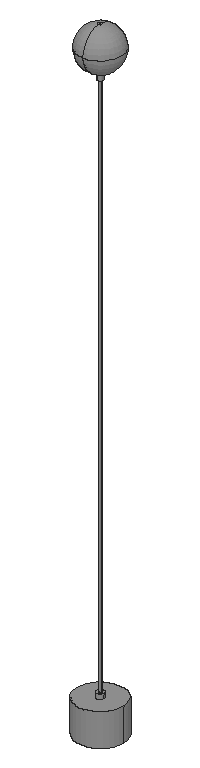
Revit family "Pearl Single 5W", category Lighting Fixtures, host Face, Revit 2019
Family settings
  Host = Face
  Round Connector Dimension = Use Diameter
  Part Type = Normal
  OmniClass Number = 23.80.70.11.11
  OmniClass Title = General Luminaries, Non Directional
  Cut with Voids When Loaded = No
  Light Source = No
  Shared = No
  Room Calculation Point = No
Parameters (values of type "Pearl Single 5W, Neutral White, 230V - 53SI995N005J")
  Wattage Comments = "5W"
  Voltage = 230 V
  URL = "www.winled.fi"
  Type Image = Pearl Single .png
  Light source = Pearl light NV : Pearl light NV
  Length [instance] = if(length < 100 mm, 100 mm, (if(length > 1500 mm, 1500 mm, length)))  # 1000 mm
  length [instance] = 1000 mm
  Product Number = "53SI995N005J"
  Position Number = ""
  Operating Temperature Range = "-20° to +50°"
  Model = "Pear Single 5W"
  Manufacturer = "Winled Oy Ltd"
  Luminaire Angle Install [instance] = if(Luminaire Angle Input < -90.00°, -90.00°, (if(Luminaire Angle Input > 90.00°, 90.00°, Luminaire Angle Input)))  # 0.00°
  Luminaire Angle Input [instance] = 0.00°
  Lumens Output = "488lm"
  Lifetime L70 = "50000h"
  Last Updated = "8.3.2017"
  Lamp = "LED"
  IP Code = "IP20"
  Housing Material = "Aluminium"
  Driver = "Integrated"
  Directivity = "No"
  Dimmable = "Yes"
  Dimensions = "86mm x 1600mm"
  Description = "Pendant Light"
  Depth = "-"
  Default Elevation = 1219.2 mm
  Cutout = "-"
  Color Temperature = "4000K"
  Casing Color = "White"
  CRI = "82"
  Beam Angle = "160°"
Types (3, lengths in mm): name | Light source | Length | length | Product Number | Model | Lumens Output | Color Temperature | Beam Angle
  (no name) | Pearl light NV : Pearl light NV | 1000 | 1000 | "53SI995N005J" | "Pear Single 5W" | "488lm" | "4000K" | "160°"
  Pearl Single 5W, Neutral White, 230V - 53SI995N005J | Pearl light NV : Pearl light NV | 1000 | 1000 | "53SI995N005J" | "Pear Single 5W" | "488lm" | "4000K" | "160°"
  Pearl Single 5W, Warm White, 230V - 53SI995L005J | Pearl light LV : Pearl light LV | 1200 | 1200 | "53SI995L005J" | "Pearl Single 5W" | "388lm" | "3000K" | "90°"
Reference planes
  plane 1 "Center (Front/Back)": y = 0
  plane 2: z = 0
  plane 3 "Center (Left/Right)": x = 0
Lines and regions (mm)
  symbolic lines
    curve 1: circle (0, 0, 0) r 43 normal (0, 0, 1)
    curve 2: line (-30.406, -30.406, 0) -> (30.406, 30.406, 0)
    curve 3: line (30.406, -30.406, 0) -> (-30.406, 30.406, 0)
Dimensions and locks
  aligned and locked: plane 2 to host face
  aligned and locked: level to host face
Nested families
  nested 1: "Pearl 5W model" at (0, 0, 0), Length <- "Length", Luminaire Angle <- "Luminaire Angle Install", type "Pearl 5W model"
    with length 1000 mm, k1 45.00°, Luminaire Angle 0.00°, Length 1000 mm
  nested 2: "Pearl light NV" at (-0.001, -0.004, 1160.063) x (-1, 0, 0) z (0, 0, 1), type <- "Light source", type "Pearl light NV"
Definition of nested family "Pearl 5W model"
  Parameters (values of type "Pearl 5W model")
    Length [instance] = 1200 mm
    k1 [instance] = if(Luminaire Angle < -90.00°, -45.00°, (if(Luminaire Angle > 90.00°, 135.00°, Luminaire Angle + 45.00°)))  # 45.00°
    length [instance] = 1000 mm
    Luminaire Angle [instance] = 0.00°
  Reference planes
    plane 1 "Center (Front/Back)": y = 0
    plane 2: z = 0
    plane 3 "Center (Left/Right)": x = 0
  Forms (mm)
    Extrusion 1, solid
      sketch origin (0, 0, 0) x (1, 0, 0) y (0, 1, 0)
        loop
          circle (0, 0) r 43
      from 0 to 60
    Extrusion 2, solid
      sketch origin (0, 0, 0) x (1, 0, 0) y (0, 1, 0)
        loop
          circle (0, 0) r 6.6
      from 67.5 to 60
    Revolve 3, solid
      sketch origin (0, 0, 67.5) x (-0.707107, 0, 0.707107) y (-0.707107, 0, -0.707107)
        loop
          line (-3.926, 1.097) -> (0.398, -3.227) -> (1.812, -1.812) -> (-2.511, 2.511) -> (-3.926, 1.097)
        axis (-2.511, 2.511) -> (1.812, -1.812)
      angle from 0 to 360
    Extrusion 4, solid
      sketch origin (0, 0, 70.063) x (1, 0, 0) y (0, 1, 0)
        loop
          circle (0, 0) r 2.001
      from 0 to 1200 <- "Length"
  Lines and regions (mm)
    reference lines
      curve 1: line (-6.6, 0, 67.5) -> (0, 0, 67.5)
      curve 2: line (0, 0, 67.5) -> (-65.327, 0, 132.827)
    model lines, detail levels coarse
      curve 3: line (-43.149, 0, 110.649) -> (35.676, 0, 110.649)
  Dimensions and locks
    "k1": angle curve 1 to curve 2
    aligned and locked: level to plane 2
    aligned and locked: plane 3 "Center (Left/Right)" to curve 2
    aligned and locked: curve 2 to curve 3
  Automatic sketch dimensions
    plane 1 "Center (Front/Back)" to Extrusion 1 sketch curve = 0 mm
    Extrusion 1 sketch curve to plane 3 "Center (Left/Right)" = 0 mm
    plane 1 "Center (Front/Back)" to Extrusion 2 sketch curve = 0 mm
    Extrusion 2 sketch curve to plane 3 "Center (Left/Right)" = 0 mm
    Revolve 3 sketch curve to curve 2 = 1.097 mm
    Revolve 3 sketch curve to curve 2 = 3.926 mm
    Revolve 3 sketch curve to Revolve 3 sketch curve = 1.415 mm
    curve 2 to Revolve 3 sketch curve = 0.398 mm
    curve 2 to Revolve 3 sketch curve = 1.812 mm
    Revolve 3 sketch curve to curve 2 = 0.35 mm  (x2)
    curve 2 to Revolve 3 sketch curve = 19.013 mm  (x2)
    curve 2 to curve 3 = 5.284 mm
    curve 3 to curve 2 = 31.365 mm
    curve 3 to curve 2 = 55.738 mm
    level to curve 1 = 67.5 mm
    radius of Extrusion 1 sketch curve = 43 mm
    radius of Extrusion 2 sketch curve = 6.6 mm
    radius of Extrusion 4 sketch curve to Revolve 3 = 0 mm
  Nested families
    nested 1: "Pearl" at (0, 0, 1270.063) x (-1, 0, 0) z (0, 0, 1), type "Pearl"
  Definition of nested family "Pearl"
    Parameters (values of type "Pearl")
      Default Elevation = 1219.2 mm
    Reference planes
      plane 1 "Center (Front/Back)": y = 0
      plane 2: z = 0
      plane 3 "Center (Left/Right)": x = 0
    Forms (mm)
      Extrusion 1, solid
        sketch origin (0, 0, 0) x (1, 0, 0) y (0, 1, 0)
          loop
            line (-1219.2, 1219.2) -> (-1219.2, -1219.2) -> (1219.2, -1219.2) -> (1219.2, 1219.2) -> (-1219.2, 1219.2)
        from 0 to -304.8
      Revolve 2, solid
        sketch origin (0, 0, 0) x (0, 1, 0) y (0, 0, 1)
          loop
            line (0, 0) -> (0, 51) -> (0, 90) -> (-1, 90) -> (-4.096, 89.784)
            arc (-4.096, 89.784) -> (-28.989, 77.089) -> (-39, 51) r 39
            arc (-39, 51) -> (-29.292, 25.251) -> (-5, 12.322) r 39
            line (-5, 12.322) -> (-5, 0) -> (0, 0)
          axis (0, 0) -> (0, 90)
        angle from 0 to 360
    Dimensions and locks
      aligned and locked: plane 2 to Extrusion 1
      aligned and locked: level to Extrusion 1
Definition of nested family "Pearl light NV"
  Parameters (values of type "Pearl light NV")
    Wattage = 5 W
    built-in parameter 1150110 = 1 (stored number, unit not read)
    built-in parameter 1114217 = 1 (stored number, unit not read)
    Tilt Angle = -90.00°
    built-in parameter 1150109 = 1 (stored number, unit not read)
    built-in parameter 1150134 = 12
    built-in parameter 1150113 = 1 (stored number, unit not read)
    Photometric Web File = "Pearl single NV.ies"
    built-in parameter 1150105 = 38.834 (stored number, unit not read)
    Lumens = 488 lm
    built-in parameter 1150115 = 1 (stored number, unit not read)
    built-in parameter 1150137 = (empty or 0)
    built-in parameter 1150139 = (empty or 0)
    built-in parameter 1150112 = 1 (stored number, unit not read)
    built-in parameter 1150114 = 1 (stored number, unit not read)
    built-in parameter 1150132 = (empty or 0)
    built-in parameter 1150102 = (empty or 0)
    built-in parameter 1150107 = 4000 (stored number, unit not read)
    built-in parameter 1150138 = (empty or 0)
    built-in parameter 1150106 = 0.38834 (stored number, unit not read)
    built-in parameter 1150104 = 9.0673 (stored number, unit not read)
    Dimming Lamp Color Temperature Shift = (empty or 0)
    Default Elevation = 1219.2 mm
    Color Filter = 16777215
    built-in parameter 1114218 = 1 (stored number, unit not read)
    built-in parameter 1150133 = 10 (stored number, unit not read)
  Reference planes
    plane 1 "Center (Front/Back)": y = 0
    plane 2: z = 0
    plane 3 "Center (Left/Right)": x = 0
  Forms (mm)
    Extrusion 1, solid
      sketch origin (0, 0, 0) x (1, 0, 0) y (0, 1, 0)
        loop
          line (-1219.2, 1219.2) -> (-1219.2, -1219.2) -> (1219.2, -1219.2) -> (1219.2, 1219.2) -> (-1219.2, 1219.2)
      from 0 to -304.8
  Dimensions and locks
    aligned and locked: plane 2 to Extrusion 1
    aligned and locked: level to Extrusion 1
